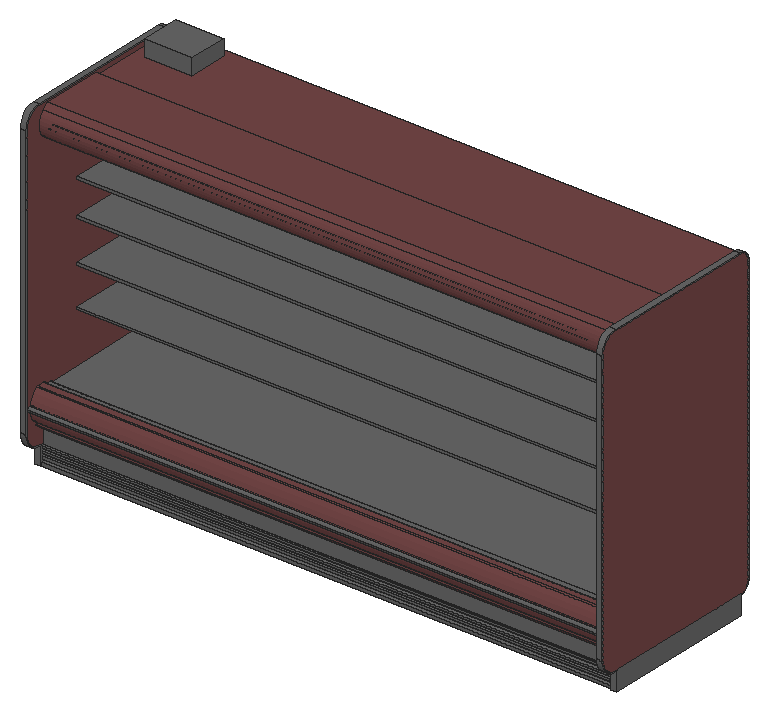
Revit family "O5DR", category Mechanical Equipment, Revit 2019
Family settings
  Round Connector Dimension = Use Radius
  Part Type = Normal
  OmniClass Number = 23.40.40.11.17
  OmniClass Title = Refrigerated Cases
  Work Plane-Based = Yes
  Always vertical = Yes
  Cut with Voids When Loaded = No
  Shared = No
  Room Calculation Point = No
Parameters (values of type "12'")
  Width = 43 3/8"  # constant formula
  URL = "http://www.hillphoenix.com/?s=o5dr"
  Type of Case = ""
  Timed-Off Defrost Termination Temp = 42 °F  # constant formula
  Timed-Off Defrost Fail-Safe (Min) = "30 (min)"
  TOP REFRIGERATION PIPING = yes
  TOP ELECTRICAL = yes
  TOEKICK [instance] = BLACK PAINTED METAL
  Superheat Set Point @ Bulb (°F) = "6-8 °F"  # constant formula
  Standard Power Watts = 11.8 W
  Standard Power Amps = 0.1 A
  STAINLESS STEEL = GALVANIZED STEEL
  Refgn = 28 5/8"
  RT STD END = yes
  REFRIGERATION PIPING = COPPER PIPE
  RUBBER BUMPER [instance] = BLACK
  REAR REFRIGERATION PIPING = yes
  PAINTED METAL UPPER SHELF = PAINTED SHELVES
  PAINTED METAL INTERIOR [instance] = GALVANIZED STEEL
  PAINTED METAL EXTERIOR [instance] = CHARCOAL BROWN
  Number of Fans = 4
  Number of Door = 3
  Model = "O5DR"  # constant formula
  Manufacturer = "HILL PHOENIX"  # constant formula
  Lights Per Row = 2
  Light Length = "4'"
  Length of Cases = 72"
  Length = 144"
  Legend Number = Model  # "O5DR"
  LF STD END = yes
  Keynote = ""  # constant formula
  Item Description = Description  # "Multi-Deck Merchandiser"
  High Power (Cornice) Watts = 29.9 W
  High Power (Cornice) Amps = 0.25 A
  High Efficiency Watts = 67 W
  High Efficiency Amps = 0.9 A
  Height = 81 5/8"  # constant formula
  GLASS = Glass
  Evaporator (°F) = 28 °F
  EQUIPMENT MARK = Legend Number  # "O5DR"
  EQUIPMENT DESCRIPTION = Item Description  # "Multi-Deck Merchandiser"
  Discharge Air Velocity (FPM) = 250 FPM  # constant formula
  Discharge Air (°F) = 32 °F
  Description = "Multi-Deck Merchandiser"  # constant formula
  Defrosts Per Day = 2
  Default Elevation = 48"
  DRAIN PIPING = yes
  DRAIN LINE = 72"
  DESIGNERS NAME = "SHIDDRAMESH"  # constant formula
  DATE = "05/18/2016"  # constant formula
  Certifications = "NSF 7, UL471, CSA"  # constant formula
  CENTER LINE = Length / 2  # 72"
  BTUH Parallel = 1190
  BTUH Conventional = 1360
  BOTTOM REFRIGERATION PIPING = yes
  BOTTOM ELECTRICAL = yes
  BASE [instance] = BLACK PAINTED METAL
  Assembly Code = ""
  Application Discipline = "Dairy"
  24" Shelf = yes
Types (2): name | Length | CENTER LINE
  12' | 144" | 72"
  08' | 96" | 48"
Reference planes (in)
  plane 1: z = 0.01963
  plane 2 "LEFT": x = 0
  plane 3 "CASE RIGHT": x = 144
  plane 4: z = 0
  plane 5: y = -15.80744
  plane 6: x = 145.5
  plane 7: x = 72
  plane 8: y = -59.18244
  plane 9: z = 81.625
  plane 10: y = -59.05744
Forms (in)
  Extrusion 1, solid, material "BLACK PAINTED METAL" <- "BASE"
    sketch origin (0, 0, 0) x (0, 1, 0) y (0, 0, 1)
      loop
        line (-15.80744, 5.125) -> (-47.49494, 5.125) -> (-47.49494, 0) -> (-45.71494, 0) -> (-45.71494, 2.94807) -> (-17.58744, 2.94807) -> (-17.58744, 0) -> (-15.80744, 0) -> (-15.80744, 5.125)
    from 0 to 144
  Extrusion 2, solid, material "BLACK PAINTED METAL" <- "BASE"
    sketch origin (0, 0, 0) x (0, 1, 0) y (0, 0, 1)
      loop
        line (-50.32512, 5.125) -> (-53.86994, 7.98698) -> (-53.86994, 0.22352) -> (-47.49494, 0.22352) -> (-47.49494, 5.125) -> (-50.32512, 5.125)
    from 0 to 144
  Extrusion 3, solid, material "BLACK PAINTED METAL" <- "TOEKICK"
    sketch origin (0, 0, 0) x (0, 1, 0) y (0, 0, 1)
      loop
        line (-54.22902, 8.27689) -> (-54.22902, 4.78705) -> (-54.22902, 4.64409)
        arc (-54.22902, 4.64409) -> (-54.38049, 4.5454) -> (-54.55908, 4.51727) r 0.43232
        line (-54.55908, 4.51727) -> (-54.55908, 4.01727) -> (-54.48058, 4.01727) -> (-54.06179, 4.09724) -> (-54.19916, 3.66264)
        arc (-54.19916, 3.66264) -> (-54.3352, 3.43693) -> (-54.55908, 3.29789) r 0.56287
        line (-54.55908, 3.29789) -> (-54.55908, 2.79789) -> (-54.48058, 2.79789) -> (-54.06179, 2.88284) -> (-54.19916, 2.44327)
        arc (-54.19916, 2.44327) -> (-54.33489, 2.21725) -> (-54.55908, 2.07851) r 0.55931
        line (-54.55908, 2.07851) -> (-54.55908, 1.57851) -> (-54.48058, 1.57851) -> (-54.06179, 1.66347) -> (-54.18674, 1.22059)
        arc (-54.18674, 1.22059) -> (-54.37468, 0.95461) -> (-54.68244, 0.84806) r 0.5318
        line (-54.68244, 0.84806) -> (-54.68244, 0) -> (-53.86994, 0) -> (-53.86994, 7.98698) -> (-54.22902, 8.27689)
    from 0 to 144
  Extrusion 4, solid, material "CHARCOAL BROWN" <- "PAINTED METAL EXTERIOR"
    sketch origin (0, 0, 0) x (0, 1, 0) y (0, 0, 1)
      loop
        line (-56.37653, 11.27385) -> (-56.37653, 15.40325) -> (-54.42753, 15.40325) -> (-54.42753, 18.09848) -> (-54.2538, 18.09848) -> (-54.2538, 18.625)
        arc (-54.2538, 18.625) -> (-54.29041, 18.71339) -> (-54.3788, 18.75) r 0.125
        line (-54.3788, 18.75) -> (-56.0488, 18.75)
        arc (-56.0488, 18.75) -> (-56.27685, 18.70691) -> (-56.47346, 18.58357) r 0.625
        arc (-56.47346, 18.58357) -> (-57.72747, 17.03605) -> (-58.49485, 15.19799) r 7
        arc (-58.49485, 15.19799) -> (-57.8374, 14.51884) -> (-58.49485, 13.83968) r 0.67952
        arc (-58.49485, 13.83968) -> (-58.07874, 12.5156) -> (-57.314, 11.35737) r 4.98966
        arc (-57.314, 11.35737) -> (-57.24256, 11.30115) -> (-57.15584, 11.27385) r 0.25263
        line (-57.15584, 11.27385) -> (-56.37653, 11.27385)
    from 0 to 144
  Extrusion 5, solid, material "BLACK PAINTED METAL" <- "BASE"
    sketch origin (0, 0, 0) x (0, 1, 0) y (0, 0, 1)
      loop
        arc (-54.42753, 13.448) -> (-52.59548, 9.13196) -> (-48.21813, 7.45166) r 6
        line (-48.21813, 7.45166) -> (-45.93291, 6.18488) -> (-43.30236, 6.18488) -> (-41.21134, 7.70386) -> (-23.60242, 8.33316)
        arc (-23.60242, 8.33316) -> (-19.4889, 10.16196) -> (-17.78682, 14.32951) r 6.03269
        line (-17.78682, 14.32951) -> (-17.78682, 18.45977) -> (-19.88009, 18.45977)
        arc (-19.88009, 18.45977) -> (-20.03379, 18.16305) -> (-20.34015, 18.02959) r 0.49958
        line (-20.34015, 18.02959) -> (-24.07806, 17.76769) -> (-24.07806, 18.09271) -> (-51.87926, 17.60961) -> (-51.87926, 17.79015)
        arc (-51.87926, 17.79015) -> (-51.95439, 17.99322) -> (-52.1436, 18.09848) r 0.312
        line (-52.1436, 18.09848) -> (-54.42753, 18.09848) -> (-54.42753, 13.448)
    from 0 to 144
  Extrusion 6, solid, material "BLACK PAINTED METAL" <- "BASE"
    sketch origin (0, 0, 0) x (0, 1, 0) y (0, 0, 1)
      loop
        circle (-58.51301, 14.51855) r 0.67969
    from 0 to 144
  Extrusion 7, solid, material "CHARCOAL BROWN" <- "PAINTED METAL EXTERIOR"
    sketch origin (0, 0, 0) x (0, 1, 0) y (0, 0, 1)
      loop
        line (-15.80744, 18.82086) -> (-17.78682, 18.82086) -> (-17.78682, 14.32951)
        arc (-17.78682, 14.32951) -> (-19.4889, 10.16196) -> (-23.60242, 8.33316) r 6.03269
        line (-23.60242, 8.33316) -> (-41.21134, 7.70386) -> (-43.30236, 6.18488) -> (-45.93291, 6.18488) -> (-48.21813, 7.45166)
        arc (-48.21813, 7.45166) -> (-52.59548, 9.13196) -> (-54.42753, 13.448) r 6
        line (-54.42753, 13.448) -> (-54.42753, 15.40325) -> (-56.37653, 15.40325) -> (-56.37653, 10.01073) -> (-50.32512, 5.125) -> (-15.80744, 5.125) -> (-15.80744, 18.82086)
      loop
        line (-49.73736, 80.85931) -> (-49.73736, 78.88281) -> (-13.92694, 78.88281) -> (-13.92694, 80.85931) -> (-49.73736, 80.85931)
    from 0 to 144
  Extrusion 8, solid, material "BLACK PAINTED METAL" <- "BASE", visible <- "24" Shelf"
    sketch origin (0, 0, 0) x (0, 1, 0) y (0, 0, 1)
      loop
        line (-19.87926, 57.79801) -> (-19.87926, 60.75474) -> (-43.87926, 60.75474) -> (-43.87926, 60.19474) -> (-34.40347, 60.19474) -> (-34.34485, 60.05929) -> (-23.41026, 59.12633)
        arc (-23.41026, 59.12633) -> (-22.74189, 58.94595) -> (-22.14862, 58.58919) r 2.5
        line (-22.14862, 58.58919) -> (-21.44578, 58.02048)
        arc (-21.44578, 58.02048) -> (-21.14236, 57.85236) -> (-20.79975, 57.79801) r 1
        line (-20.79975, 57.79801) -> (-19.87926, 57.79801)
    from 0 to 144
  Extrusion 9, solid, material "GALVANIZED STEEL" <- "STAINLESS STEEL"
    sketch origin (0, 0, 0) x (0, 1, 0) y (0, 0, 1)
      loop
        circle (-50.5347, 75.84283) r 0.5625
      loop
        circle (-52.30955, 75.86355) r 0.5625
    from 0 to 144
  Extrusion 10, solid, material "CHARCOAL BROWN" <- "PAINTED METAL EXTERIOR"
    sketch origin (0, 0, 0) x (0, 1, 0) y (0, 0, 1)
      loop
        line (-37.76969, 80.85931) -> (-37.76969, 81.625) -> (-53.05057, 81.625)
        arc (-53.05057, 81.625) -> (-53.6562, 80.98172) -> (-54.28291, 80.35897) r 26.52952
        arc (-54.28291, 80.35897) -> (-55.55434, 77.52668) -> (-54.50551, 74.60463) r 4.15093
        arc (-54.50551, 74.60463) -> (-54.34235, 74.51475) -> (-54.15893, 74.54723) r 0.27977
        line (-54.15893, 74.54723) -> (-53.92468, 74.9127) -> (-53.85543, 75.14311) -> (-53.53673, 75.40128) -> (-53.32342, 76.55776) -> (-50.02081, 76.55776) -> (-48.31789, 75.49837) -> (-48.06419, 75.49837) -> (-48.06387, 78.88281) -> (-49.73736, 78.88281) -> (-49.73736, 80.85931) -> (-37.76969, 80.85931)
    from 0 to 144
  Extrusion 11, solid, material "GALVANIZED STEEL" <- "PAINTED METAL INTERIOR"
    sketch origin (0, 0, 0) x (0, 1, 0) y (0, 0, 1)
      loop
        line (-48.06403, 78.88281) -> (-48.06403, 75.37067)
        arc (-48.06403, 75.37067) -> (-48.04137, 75.30395) -> (-47.97687, 75.27557) r 0.08749
        line (-47.97687, 75.27557) -> (-47.63763, 75.27557)
        arc (-47.63763, 75.27557) -> (-47.62513, 75.28807) -> (-47.63763, 75.30057) r 0.0125
        line (-47.63763, 75.30057) -> (-47.97686, 75.30057)
        arc (-47.97686, 75.30057) -> (-48.02106, 75.31888) -> (-48.03936, 75.36307) r 0.0625
        line (-48.03936, 75.36307) -> (-48.03936, 76.47436) -> (-43.92164, 76.47436) -> (-43.92164, 75.36307)
        arc (-43.92164, 75.36307) -> (-43.93994, 75.31888) -> (-43.98414, 75.30057) r 0.0625
        line (-43.98414, 75.30057) -> (-44.35674, 75.30057)
        arc (-44.35674, 75.30057) -> (-44.36924, 75.28807) -> (-44.35674, 75.27557) r 0.0125
        line (-44.35674, 75.27557) -> (-43.98413, 75.27557)
        arc (-43.98413, 75.27557) -> (-43.92226, 75.3012) -> (-43.89664, 75.36306) r 0.08749
        line (-43.89664, 75.36306) -> (-43.89664, 76.75897) -> (-17.78682, 76.75897) -> (-17.78682, 78.88281) -> (-48.06403, 78.88281)
    from 0 to 144
  Extrusion 12, solid, material "BLACK PAINTED METAL" <- "BASE"
    sketch origin (0, 0, 0) x (0, 1, 0) y (0, 0, 1)
      loop
        line (-44.08446, 75.47436) -> (-44.08446, 76.47436) -> (-47.87708, 76.47436) -> (-47.87708, 75.47436) -> (-44.08446, 75.47436)
    from 0 to 144
  Extrusion 13, void
    sketch origin (0, 0, 0) x (1, 0, 0) y (0, 1, 0)
      loop
        circle (72, -44.43244) r 2
    from 0 to 5.125
  Extrusion 14, void
    sketch origin (0, -15.80744, 74.55006) x (0, 0, 1) y (-1, 0, 0)
      loop
        circle (-61.23756, -140) r 2
    from 0 to 1.81288
  Extrusion 15, void
    sketch origin (0, 0, 0) x (1, 0, 0) y (0, 1, 0)
      loop
        line (15.875, -53.02327) -> (28, -53.02327) -> (28, -49.19632) -> (15.875, -49.19632) -> (15.875, -53.02327)
    from 0.22352 to 2.48465
  Extrusion 16, solid, visible <- "BOTTOM ELECTRICAL"
    sketch origin (0, 0, 0) x (1, 0, 0) y (0, 1, 0)
      loop
        line (15.875, -53.02327) -> (28, -53.02327) -> (28, -49.19632) -> (15.875, -49.19632) -> (15.875, -53.02327)
    from 2.09522 to 2.48465
  Extrusion 17, void
    sketch origin (0, 0, 0) x (1, 0, 0) y (0, 1, 0)
      loop
        circle (135.25, -38.30744) r 2
    from 2.94807 to 5.125
  Extrusion 18, solid, material "BLACK PAINTED METAL" <- "BASE", visible <- "24" Shelf"
    sketch origin (0, 0, -8.80362) x (0, 1, 0) y (0, 0, 1)
      loop
        line (-19.87926, 57.79801) -> (-19.87926, 60.75474) -> (-43.87926, 60.75474) -> (-43.87926, 60.19474) -> (-34.40347, 60.19474) -> (-34.34485, 60.05929) -> (-23.41026, 59.12633)
        arc (-23.41026, 59.12633) -> (-22.74189, 58.94595) -> (-22.14862, 58.58919) r 2.5
        line (-22.14862, 58.58919) -> (-21.44578, 58.02048)
        arc (-21.44578, 58.02048) -> (-21.14236, 57.85236) -> (-20.79975, 57.79801) r 1
        line (-20.79975, 57.79801) -> (-19.87926, 57.79801)
    from 0 to 144
  Extrusion 19, solid, material "BLACK PAINTED METAL" <- "BASE", visible <- "24" Shelf"
    sketch origin (0, 0, -19.43409) x (0, 1, 0) y (0, 0, 1)
      loop
        line (-19.87926, 57.79801) -> (-19.87926, 60.75474) -> (-43.87926, 60.75474) -> (-43.87926, 60.19474) -> (-34.40347, 60.19474) -> (-34.34485, 60.05929) -> (-23.41026, 59.12633)
        arc (-23.41026, 59.12633) -> (-22.74189, 58.94595) -> (-22.14862, 58.58919) r 2.5
        line (-22.14862, 58.58919) -> (-21.44578, 58.02048)
        arc (-21.44578, 58.02048) -> (-21.14236, 57.85236) -> (-20.79975, 57.79801) r 1
        line (-20.79975, 57.79801) -> (-19.87926, 57.79801)
    from 0 to 144
  Extrusion 20, solid, material "BLACK PAINTED METAL" <- "BASE", visible <- "24" Shelf"
    sketch origin (0, 0, -29.48744) x (0, 1, 0) y (0, 0, 1)
      loop
        line (-19.87926, 57.79801) -> (-19.87926, 60.75474) -> (-43.87926, 60.75474) -> (-43.87926, 60.19474) -> (-34.40347, 60.19474) -> (-34.34485, 60.05929) -> (-23.41026, 59.12633)
        arc (-23.41026, 59.12633) -> (-22.74189, 58.94595) -> (-22.14862, 58.58919) r 2.5
        line (-22.14862, 58.58919) -> (-21.44578, 58.02048)
        arc (-21.44578, 58.02048) -> (-21.14236, 57.85236) -> (-20.79975, 57.79801) r 1
        line (-20.79975, 57.79801) -> (-19.87926, 57.79801)
    from 0 to 144
  Extrusion 21, solid, material "BLACK PAINTED METAL" <- "BASE", visible <- "RT STD END"
    sketch origin (78, -2.3795, -30.67646) x (0, 1, 0) y (0, 0, 1)
      loop
        line (-13.17794, 30.67646) -> (-13.17794, 35.55146) -> (-52.42794, 35.55146) -> (-52.42794, 30.67646) -> (-13.17794, 30.67646)
    from 67.5 to 66
  Extrusion 22, solid, material "BLACK PAINTED METAL" <- "BASE", visible <- "RT STD END"
    sketch origin (78, 0, 0) x (0, 1, 0) y (0, 0, 1)
      loop
        arc (-59.18244, 77.875) -> (-58.01087, 80.70343) -> (-55.18244, 81.875) r 4
        line (-55.18244, 81.875) -> (-15.55744, 81.875)
        arc (-15.55744, 81.875) -> (-14.14322, 81.28921) -> (-13.55744, 79.875) r 2
        line (-13.55744, 79.875) -> (-13.55744, 6.875)
        arc (-13.55744, 6.875) -> (-14.14322, 5.46079) -> (-15.55744, 4.875) r 2
        line (-15.55744, 4.875) -> (-15.55744, 4.625)
        arc (-15.55744, 4.625) -> (-13.98916, 5.26162) -> (-13.30834, 6.81123) r 2.25
        line (-13.30834, 6.81123) -> (-13.30834, 79.87387)
        arc (-13.30834, 79.87387) -> (-13.96695, 81.4639) -> (-15.55699, 82.12251) r 2.24864
        line (-15.55699, 82.12251) -> (-55.17668, 82.12251)
        arc (-55.17668, 82.12251) -> (-58.17913, 80.87886) -> (-59.42278, 77.87642) r 4.24609
        line (-59.42278, 77.87642) -> (-59.42278, 8.8828)
        arc (-59.42278, 8.8828) -> (-58.04641, 5.74874) -> (-54.80744, 4.64158) r 4.25639
        line (-54.80744, 4.64158) -> (-54.80744, 4.875) -> (-55.18244, 4.875)
        arc (-55.18244, 4.875) -> (-58.01087, 6.04657) -> (-59.18244, 8.875) r 4
        line (-59.18244, 8.875) -> (-59.18244, 77.875)
    from 67.5 to 66
  Extrusion 23, solid, material "CHARCOAL BROWN" <- "PAINTED METAL EXTERIOR", visible <- "RT STD END"
    sketch origin (78, 0, 0) x (0, 1, 0) y (0, 0, 1)
      loop
        line (-59.18244, 77.875) -> (-59.18244, 8.875)
        arc (-59.18244, 8.875) -> (-58.01087, 6.04657) -> (-55.18244, 4.875) r 4
        line (-55.18244, 4.875) -> (-15.55744, 4.875)
        arc (-15.55744, 4.875) -> (-14.14322, 5.46079) -> (-13.55744, 6.875) r 2
        line (-13.55744, 6.875) -> (-13.55744, 79.875)
        arc (-13.55744, 79.875) -> (-14.14322, 81.28921) -> (-15.55744, 81.875) r 2
        line (-15.55744, 81.875) -> (-55.18244, 81.875)
        arc (-55.18244, 81.875) -> (-58.01087, 80.70343) -> (-59.18244, 77.875) r 4
    from 67.5 to 66
  Extrusion 24, solid, material "BLACK PAINTED METAL" <- "BASE"
    sketch origin (0, 0, 0) x (0, 1, 0) y (0, 0, 1)
      loop
        line (-17.78682, 76.75897) -> (-20.87458, 76.75897)
        arc (-20.87458, 76.75897) -> (-20.2025, 76.49945) -> (-19.87926, 75.85558) r 1
        line (-19.87926, 75.85558) -> (-19.87926, 18.45977) -> (-17.78682, 18.45977) -> (-17.78682, 76.75897)
    from 0 to 1
  Extrusion 25, solid, material "BLACK PAINTED METAL" <- "BASE"
    sketch origin (0, 0, 0) x (0, 1, 0) y (0, 0, 1)
      loop
        line (-15.80744, 18.82086) -> (-15.80744, 78.88153) -> (-17.78682, 78.88153) -> (-17.78682, 18.82086) -> (-15.80744, 18.82086)
    from 0 to 1
  Extrusion 26, solid, material "BLACK PAINTED METAL" <- "BASE"
    sketch origin (0, 0, 0) x (0, 1, 0) y (0, 0, 1)
      loop
        line (-14.74529, 18.566) -> (-14.45248, 18.566) -> (-14.45248, 76.81681) -> (-14.74529, 76.81681) -> (-14.74529, 18.566)
    from 2.10311 to 24.125
  Extrusion 27, solid, material "BLACK PAINTED METAL" <- "BASE"
    sketch origin (0, 0, 0) x (0, 1, 0) y (0, 0, 1)
      loop
        line (-15.15967, 76.81681) -> (-15.45248, 76.81681) -> (-15.45248, 18.566) -> (-15.15967, 18.566) -> (-15.15967, 76.81681)
    from 45.89689 to 23.875
  Sweep 28, solid, material "BLACK PAINTED METAL" <- "BASE"
    path origin (72, -10.74044, 0) x (-1, 0, 0) y (0, 0, 1)
      loop
        line (72, 16.5) -> (72, 78.88281) -> (24, 78.88281) -> (24, 16.5) -> (72, 16.5)
    profile origin (24, -10.74044, 16.5) x (0, 0, -1) y (0, 1, 0)
      loop
        line (0, -3.1865) -> (-2.43148, -3.1865) -> (-2.43148, -3.71204) -> (-2.066, -3.71204) -> (-2.066, -4.00485) -> (-2.43148, -4.00485) -> (-2.43148, -4.41924) -> (-2.066, -4.41924) -> (-2.066, -4.71204) -> (-2.43148, -4.71204) -> (-2.43148, -5.067) -> (0, -5.067) -> (0, -3.1865)
  Extrusion 29, solid, material "BLACK PAINTED METAL" <- "BASE"
    sketch origin (48, 0, 0) x (0, 1, 0) y (0, 0, 1)
      loop
        line (-14.74529, 18.566) -> (-14.45248, 18.566) -> (-14.45248, 76.81681) -> (-14.74529, 76.81681) -> (-14.74529, 18.566)
    from 2.10311 to 24.125
  Extrusion 30, solid, material "BLACK PAINTED METAL" <- "BASE"
    sketch origin (48, 0, 0) x (0, 1, 0) y (0, 0, 1)
      loop
        line (-15.15967, 76.81681) -> (-15.45248, 76.81681) -> (-15.45248, 18.566) -> (-15.15967, 18.566) -> (-15.15967, 76.81681)
    from 45.89689 to 23.875
  Sweep 31, solid, material "BLACK PAINTED METAL" <- "BASE"
    path origin (120, -10.74044, 0) x (-1, 0, 0) y (0, 0, 1)
      loop
        line (72, 16.5) -> (72, 78.88281) -> (24, 78.88281) -> (24, 16.5) -> (72, 16.5)
    profile origin (72, -10.74044, 16.5) x (0, 0, -1) y (0, 1, 0)
      loop
        line (0, -3.1865) -> (-2.43148, -3.1865) -> (-2.43148, -3.71204) -> (-2.066, -3.71204) -> (-2.066, -4.00485) -> (-2.43148, -4.00485) -> (-2.43148, -4.41924) -> (-2.066, -4.41924) -> (-2.066, -4.71204) -> (-2.43148, -4.71204) -> (-2.43148, -5.067) -> (0, -5.067) -> (0, -3.1865)
  Extrusion 32, solid, material "BLACK PAINTED METAL" <- "BASE", visible <- "LF STD END"
    sketch origin (-19.5, -2.3795, -30.67646) x (0, 1, 0) y (0, 0, 1)
      loop
        line (-13.17794, 30.67646) -> (-13.17794, 35.55146) -> (-52.42794, 35.55146) -> (-52.42794, 30.67646) -> (-13.17794, 30.67646)
    from 19.5 to 18
  Extrusion 33, solid, material "BLACK PAINTED METAL" <- "BASE", visible <- "LF STD END"
    sketch origin (-19.5, 0, 0) x (0, 1, 0) y (0, 0, 1)
      loop
        arc (-59.18244, 77.875) -> (-58.01087, 80.70343) -> (-55.18244, 81.875) r 4
        line (-55.18244, 81.875) -> (-15.55744, 81.875)
        arc (-15.55744, 81.875) -> (-14.14322, 81.28921) -> (-13.55744, 79.875) r 2
        line (-13.55744, 79.875) -> (-13.55744, 6.875)
        arc (-13.55744, 6.875) -> (-14.14322, 5.46079) -> (-15.55744, 4.875) r 2
        line (-15.55744, 4.875) -> (-15.55744, 4.625)
        arc (-15.55744, 4.625) -> (-13.98916, 5.26162) -> (-13.30834, 6.81123) r 2.25
        line (-13.30834, 6.81123) -> (-13.30834, 79.87387)
        arc (-13.30834, 79.87387) -> (-13.96695, 81.4639) -> (-15.55699, 82.12251) r 2.24864
        line (-15.55699, 82.12251) -> (-55.17668, 82.12251)
        arc (-55.17668, 82.12251) -> (-58.17913, 80.87886) -> (-59.42278, 77.87642) r 4.24609
        line (-59.42278, 77.87642) -> (-59.42278, 8.8828)
        arc (-59.42278, 8.8828) -> (-58.04641, 5.74874) -> (-54.80744, 4.64158) r 4.25639
        line (-54.80744, 4.64158) -> (-54.80744, 4.875) -> (-55.18244, 4.875)
        arc (-55.18244, 4.875) -> (-58.01087, 6.04657) -> (-59.18244, 8.875) r 4
        line (-59.18244, 8.875) -> (-59.18244, 77.875)
    from 19.5 to 18
  Extrusion 34, solid, material "CHARCOAL BROWN" <- "PAINTED METAL EXTERIOR", visible <- "LF STD END"
    sketch origin (-19.5, 0, 0) x (0, 1, 0) y (0, 0, 1)
      loop
        line (-59.18244, 77.875) -> (-59.18244, 8.875)
        arc (-59.18244, 8.875) -> (-58.01087, 6.04657) -> (-55.18244, 4.875) r 4
        line (-55.18244, 4.875) -> (-15.55744, 4.875)
        arc (-15.55744, 4.875) -> (-14.14322, 5.46079) -> (-13.55744, 6.875) r 2
        line (-13.55744, 6.875) -> (-13.55744, 79.875)
        arc (-13.55744, 79.875) -> (-14.14322, 81.28921) -> (-15.55744, 81.875) r 2
        line (-15.55744, 81.875) -> (-55.18244, 81.875)
        arc (-55.18244, 81.875) -> (-58.01087, 80.70343) -> (-59.18244, 77.875) r 4
    from 19.5 to 18
  Extrusion 35, solid, material "BLACK PAINTED METAL" <- "BASE"
    sketch origin (47, 0, 0) x (0, 1, 0) y (0, 0, 1)
      loop
        line (-17.78682, 76.75897) -> (-20.87458, 76.75897)
        arc (-20.87458, 76.75897) -> (-20.2025, 76.49945) -> (-19.87926, 75.85558) r 1
        line (-19.87926, 75.85558) -> (-19.87926, 18.45977) -> (-17.78682, 18.45977) -> (-17.78682, 76.75897)
    from 0 to 1
  Extrusion 36, solid, material "BLACK PAINTED METAL" <- "BASE"
    sketch origin (47, 0, 0) x (0, 1, 0) y (0, 0, 1)
      loop
        line (-15.80744, 18.82086) -> (-15.80744, 78.88153) -> (-17.78682, 78.88153) -> (-17.78682, 18.82086) -> (-15.80744, 18.82086)
    from 0 to 1
  Extrusion 37, solid, material "BLACK PAINTED METAL" <- "BASE"
    sketch origin (48, 0, 0) x (0, 1, 0) y (0, 0, 1)
      loop
        line (-17.78682, 76.75897) -> (-20.87458, 76.75897)
        arc (-20.87458, 76.75897) -> (-20.2025, 76.49945) -> (-19.87926, 75.85558) r 1
        line (-19.87926, 75.85558) -> (-19.87926, 18.45977) -> (-17.78682, 18.45977) -> (-17.78682, 76.75897)
    from 0 to 1
  Extrusion 38, solid, material "BLACK PAINTED METAL" <- "BASE"
    sketch origin (48, 0, 0) x (0, 1, 0) y (0, 0, 1)
      loop
        line (-15.80744, 18.82086) -> (-15.80744, 78.88153) -> (-17.78682, 78.88153) -> (-17.78682, 18.82086) -> (-15.80744, 18.82086)
    from 0 to 1
  Extrusion 39, solid, material "BLACK PAINTED METAL" <- "BASE"
    sketch origin (95, 0, 0) x (0, 1, 0) y (0, 0, 1)
      loop
        line (-17.78682, 76.75897) -> (-20.87458, 76.75897)
        arc (-20.87458, 76.75897) -> (-20.2025, 76.49945) -> (-19.87926, 75.85558) r 1
        line (-19.87926, 75.85558) -> (-19.87926, 18.45977) -> (-17.78682, 18.45977) -> (-17.78682, 76.75897)
    from 0 to 1
  Extrusion 40, solid, material "BLACK PAINTED METAL" <- "BASE"
    sketch origin (95, 0, 0) x (0, 1, 0) y (0, 0, 1)
      loop
        line (-15.80744, 18.82086) -> (-15.80744, 78.88153) -> (-17.78682, 78.88153) -> (-17.78682, 18.82086) -> (-15.80744, 18.82086)
    from 0 to 1
  Extrusion 41, solid, material "BLACK PAINTED METAL" <- "BASE"
    sketch origin (0, 0, 0) x (0, 1, 0) y (0, 0, 1)
      loop
        line (-15.80744, 80.85931) -> (-15.80744, 84.85931) -> (-25.80744, 84.85931) -> (-25.80744, 80.85931) -> (-15.80744, 80.85931)
    from 3 to 15
  Extrusion 42, solid, material "BLACK PAINTED METAL" <- "BASE"
    sketch origin (96, 0, 0) x (0, 1, 0) y (0, 0, 1)
      loop
        line (-14.74529, 18.566) -> (-14.45248, 18.566) -> (-14.45248, 76.81681) -> (-14.74529, 76.81681) -> (-14.74529, 18.566)
    from 2.10311 to 24.125
  Extrusion 43, solid, material "BLACK PAINTED METAL" <- "BASE"
    sketch origin (96, 0, 0) x (0, 1, 0) y (0, 0, 1)
      loop
        line (-15.15967, 76.81681) -> (-15.45248, 76.81681) -> (-15.45248, 18.566) -> (-15.15967, 18.566) -> (-15.15967, 76.81681)
    from 45.89689 to 23.875
  Sweep 44, solid, material "BLACK PAINTED METAL" <- "BASE"
    path origin (168, -10.74044, 0) x (-1, 0, 0) y (0, 0, 1)
      loop
        line (72, 16.5) -> (72, 78.88281) -> (24, 78.88281) -> (24, 16.5) -> (72, 16.5)
    profile origin (120, -10.74044, 16.5) x (0, 0, -1) y (0, 1, 0)
      loop
        line (0, -3.1865) -> (-2.43148, -3.1865) -> (-2.43148, -3.71204) -> (-2.066, -3.71204) -> (-2.066, -4.00485) -> (-2.43148, -4.00485) -> (-2.43148, -4.41924) -> (-2.066, -4.41924) -> (-2.066, -4.71204) -> (-2.43148, -4.71204) -> (-2.43148, -5.067) -> (0, -5.067) -> (0, -3.1865)
  Extrusion 45, solid, material "BLACK PAINTED METAL" <- "BASE"
    sketch origin (96, 0, 0) x (0, 1, 0) y (0, 0, 1)
      loop
        line (-17.78682, 76.75897) -> (-20.87458, 76.75897)
        arc (-20.87458, 76.75897) -> (-20.2025, 76.49945) -> (-19.87926, 75.85558) r 1
        line (-19.87926, 75.85558) -> (-19.87926, 18.45977) -> (-17.78682, 18.45977) -> (-17.78682, 76.75897)
    from 0 to 1
  Extrusion 46, solid, material "BLACK PAINTED METAL" <- "BASE"
    sketch origin (96, 0, 0) x (0, 1, 0) y (0, 0, 1)
      loop
        line (-15.80744, 18.82086) -> (-15.80744, 78.88153) -> (-17.78682, 78.88153) -> (-17.78682, 18.82086) -> (-15.80744, 18.82086)
    from 0 to 1
  Extrusion 47, solid, material "BLACK PAINTED METAL" <- "BASE"
    sketch origin (143, 0, 0) x (0, 1, 0) y (0, 0, 1)
      loop
        line (-17.78682, 76.75897) -> (-20.87458, 76.75897)
        arc (-20.87458, 76.75897) -> (-20.2025, 76.49945) -> (-19.87926, 75.85558) r 1
        line (-19.87926, 75.85558) -> (-19.87926, 18.45977) -> (-17.78682, 18.45977) -> (-17.78682, 76.75897)
    from 0 to 1
  Extrusion 48, solid, material "BLACK PAINTED METAL" <- "BASE"
    sketch origin (143, 0, 0) x (0, 1, 0) y (0, 0, 1)
      loop
        line (-15.80744, 18.82086) -> (-15.80744, 78.88153) -> (-17.78682, 78.88153) -> (-17.78682, 18.82086) -> (-15.80744, 18.82086)
    from 0 to 1
Cuts and joins
  Extrusion 13, Extrusion 17 cuts Extrusion 1
  Extrusion 14 cuts Extrusion 5
  Extrusion 14 cuts Extrusion 7
  Extrusion 14 cuts Extrusion 11
  Extrusion 15 cuts Extrusion 2
Dimensions and locks (in)
  "Length": plane 2 "LEFT" to plane 3 "CASE RIGHT"
  "DRAIN LINE": plane 2 "LEFT" to plane 7
  locked: plane 3 "CASE RIGHT" to plane 6 at 1.5
  locked: Extrusion 13 sketch curve to plane 5 at 28.625
  locked: cut or joined group of Extrusion 7, Extrusion 14 to Extrusion 15 sketch curve at 33.38888
  "Height": level to plane 9
  locked: plane 2 "LEFT" to Extrusion 16 sketch curve at 28
  level to Sweep 28 = 16 1/2"  (x2)
  equal spacing: group 1, group 2, group 5  (x3)
  equal spacing: group 3, group 4, group 6  (x3)
  Extrusion 24 to Extrusion 8 = 24"
  plane 4 to Extrusion 6 = 14.51855"
  plane 4 to Extrusion 4 = 18 3/4"
  Extrusion 10 to Extrusion 4 = 55.76099"
  cut or joined group of Extrusion 7, Extrusion 14 to Extrusion 10 = 41.6305"
  Extrusion 24 to cut or joined group of Extrusion 5, Extrusion 14 = 32"
  Sweep 28 to Sweep 28 = 58.25081"
  cut or joined group of Extrusion 7, Extrusion 14 to Sweep 28 = 64.35931"
  plane 5 to cut or joined group of Extrusion 2, Extrusion 15 = 31 11/16"
  plane 5 to Extrusion 3 = 38 7/8"
  cut or joined group of Extrusion 2, Extrusion 15 to cut or joined group of Extrusion 2, Extrusion 15 = 6 3/8"
  Sweep 28 to plane 8 = 45.2555"
  locked: Extrusion 41 to Extrusion 41 at 12
  plane 5 to plane 10 = 43 1/4"
  aligned and locked: plane 3 "CASE RIGHT" to Extrusion 7
  aligned and locked: plane 3 "CASE RIGHT" to Extrusion 11
  aligned and locked: plane 3 "CASE RIGHT" to Extrusion 10
  aligned and locked: plane 3 "CASE RIGHT" to Extrusion 12
  aligned and locked: plane 3 "CASE RIGHT" to Extrusion 9
  aligned and locked: plane 3 "CASE RIGHT" to Extrusion 5
  aligned and locked: plane 3 "CASE RIGHT" to Extrusion 1
  aligned and locked: plane 3 "CASE RIGHT" to Extrusion 8
  aligned and locked: plane 3 "CASE RIGHT" to Extrusion 2
  aligned and locked: plane 3 "CASE RIGHT" to Extrusion 4
  aligned and locked: plane 3 "CASE RIGHT" to Extrusion 3
  aligned and locked: plane 3 "CASE RIGHT" to Extrusion 6
  aligned and locked: cut or joined group of Extrusion 2, Extrusion 15 to Extrusion 16 sketch curve
  aligned and locked: plane 3 "CASE RIGHT" to Extrusion 18
  aligned and locked: plane 3 "CASE RIGHT" to Extrusion 19
  aligned and locked: plane 3 "CASE RIGHT" to Extrusion 20
  aligned and locked: Extrusion 22 to plane 3 "CASE RIGHT"
  aligned and locked: plane 6 to Extrusion 22
  aligned and locked: Extrusion 23 to plane 3 "CASE RIGHT"
  aligned and locked: plane 6 to Extrusion 23
  aligned and locked: Extrusion 21 to plane 3 "CASE RIGHT"
  aligned and locked: plane 6 to Extrusion 21
  aligned and locked: Extrusion 15 to Extrusion 16
Automatic sketch dimensions
  Extrusion 26 sketch curve to Extrusion 26 sketch curve = 0.29281"
  Extrusion 27 sketch curve to Extrusion 27 sketch curve = 0.29281"
  Sweep 28 sketch curve to profile plane = 0"
  profile plane to Sweep 28 sketch curve = 2.066"
  Sweep 28 sketch curve to Sweep 28 sketch curve = 0"  (x2)
  Sweep 28 sketch curve to Sweep 28 sketch curve = 0.36548"  (x2)
  Sweep 28 sketch curve to profile plane = 5.067"
  Sweep 28 sketch curve to Sweep 28 sketch curve = 0.35496"
  Sweep 28 sketch curve to Sweep 28 sketch curve = 0.29281"  (x2)
  Sweep 28 sketch curve to Sweep 28 sketch curve = 0.41438"
  Sweep 28 sketch curve to Sweep 28 sketch curve = 0.52554"
  Extrusion 26 sketch curve to Extrusion 26 sketch curve = 58.25081"
  Extrusion 27 sketch curve to Extrusion 27 sketch curve = 58.25081"
  Sweep 28 sketch curve to Sweep 28 sketch curve = 48"
  Sweep 28 sketch curve to Sweep 28 sketch curve = 62 49/128"
  Extrusion 29 sketch curve to Extrusion 29 sketch curve = 0.29281"
  Extrusion 30 sketch curve to Extrusion 30 sketch curve = 0.29281"
  Sweep 31 sketch curve to profile plane = 0"
  profile plane to Sweep 31 sketch curve = 2.066"
  Sweep 31 sketch curve to Sweep 31 sketch curve = 0"  (x2)
  Sweep 31 sketch curve to Sweep 31 sketch curve = 0.36548"  (x2)
  Sweep 31 sketch curve to profile plane = 5.067"
  Sweep 31 sketch curve to Sweep 31 sketch curve = 0.35496"
  Sweep 31 sketch curve to Sweep 31 sketch curve = 0.29281"  (x2)
  Sweep 31 sketch curve to Sweep 31 sketch curve = 0.41438"
  Sweep 31 sketch curve to Sweep 31 sketch curve = 0.52554"
  Extrusion 29 sketch curve to Extrusion 29 sketch curve = 58.25081"
  Extrusion 30 sketch curve to Extrusion 30 sketch curve = 58.25081"
  Sweep 31 sketch curve to Sweep 31 sketch curve = 48"
  Sweep 31 sketch curve to Sweep 31 sketch curve = 62 49/128"
  Extrusion 1 sketch curve to level = 0"  (x3)
  Extrusion 1 sketch curve to plane 5 = 0"
  plane 5 to Extrusion 1 sketch curve = 1.78"
  plane 1 to Extrusion 1 sketch curve = 2.92844"
  Extrusion 1 sketch curve to plane 8 = 13.4675"
  Extrusion 1 sketch curve to Extrusion 1 sketch curve = 1.78"
  Extrusion 1 sketch curve to Extrusion 1 sketch curve = 2.17693"
  Extrusion 2 sketch curve to plane 8 = 5 5/16"
  Extrusion 2 sketch curve to Extrusion 2 sketch curve = 3.54482"
  Extrusion 2 sketch curve to Extrusion 2 sketch curve = 2.83018"
  plane 1 to Extrusion 2 sketch curve = 0.20389"
  plane 1 to Extrusion 2 sketch curve = 5.10537"
  Extrusion 2 sketch curve to Extrusion 2 sketch curve = 2.86198"
  Extrusion 3 sketch curve to level = 0"
  Extrusion 3 sketch curve to plane 8 = 4.44658"
  Extrusion 3 sketch curve to Extrusion 3 sketch curve = 0.05342"
  Extrusion 3 sketch curve to Extrusion 3 sketch curve = 0.00285"
  Extrusion 3 sketch curve to Extrusion 3 sketch curve = 3/256"
  Extrusion 3 sketch curve to Extrusion 3 sketch curve = 0.17393"
  Extrusion 3 sketch curve to Extrusion 3 sketch curve = 0.17678"
  Extrusion 3 sketch curve to Extrusion 3 sketch curve = 0.13509"
  Extrusion 3 sketch curve to Extrusion 3 sketch curve = 0.02353"
  plane 1 to Extrusion 3 sketch curve = 1.55888"
  Extrusion 3 sketch curve to Extrusion 3 sketch curve = 0.0785"  (x3)
  Extrusion 3 sketch curve to Extrusion 3 sketch curve = 0.33006"
  plane 1 to Extrusion 3 sketch curve = 1.20096"
  Extrusion 3 sketch curve to Extrusion 3 sketch curve = 0.29383"
  Extrusion 3 sketch curve to Extrusion 3 sketch curve = 0.28142"  (x2)
  plane 1 to Extrusion 3 sketch curve = 2.42364"
  Extrusion 3 sketch curve to Extrusion 3 sketch curve = 0.41879"  (x3)
  plane 1 to Extrusion 3 sketch curve = 1.64384"
  Extrusion 3 sketch curve to Extrusion 3 sketch curve = 0.35908"
  Extrusion 3 sketch curve to Extrusion 3 sketch curve = 0.37253"
  Extrusion 3 sketch curve to Extrusion 3 sketch curve = 1/2"  (x3)
  Extrusion 3 sketch curve to Extrusion 3 sketch curve = 0.1878"
  Extrusion 3 sketch curve to Extrusion 3 sketch curve = 0.08495"
  Extrusion 3 sketch curve to Extrusion 3 sketch curve = 0.36475"
  Extrusion 3 sketch curve to Extrusion 3 sketch curve = 0.18499"
  Extrusion 3 sketch curve to Extrusion 3 sketch curve = 0.07997"
  Extrusion 3 sketch curve to Extrusion 3 sketch curve = 0.12681"
  Extrusion 3 sketch curve to Extrusion 3 sketch curve = 0.14297"
  Extrusion 3 sketch curve to Extrusion 3 sketch curve = 3.03802"
  Extrusion 3 sketch curve to Extrusion 3 sketch curve = 0.28991"
  Extrusion 4 sketch curve to plane 8 = 0.66552"
  Extrusion 4 sketch curve to plane 8 = 2.0266"
  Extrusion 4 sketch curve to Extrusion 4 sketch curve = 1/32"
  Extrusion 4 sketch curve to Extrusion 4 sketch curve = 0.7793"
  Extrusion 4 sketch curve to plane 8 = 3.13364"
  Extrusion 4 sketch curve to Extrusion 4 sketch curve = 1.949"
  Extrusion 4 sketch curve to Extrusion 4 sketch curve = 0.04874"
  Extrusion 4 sketch curve to Extrusion 4 sketch curve = 0.17374"
  Extrusion 4 sketch curve to Extrusion 4 sketch curve = 0.85461"
  Extrusion 4 sketch curve to Extrusion 4 sketch curve = 1.85569"
  plane 1 to Extrusion 4 sketch curve = 11.25422"
  Extrusion 4 sketch curve to Extrusion 4 sketch curve = 0.25069"
  Extrusion 4 sketch curve to Extrusion 4 sketch curve = 2.17373"
  Extrusion 4 sketch curve to Extrusion 4 sketch curve = 2.9943"
  Extrusion 4 sketch curve to Extrusion 4 sketch curve = 1.21147"
  Extrusion 4 sketch curve to Extrusion 4 sketch curve = 0.88442"
  Extrusion 4 sketch curve to Extrusion 4 sketch curve = 2.69523"
  Extrusion 4 sketch curve to Extrusion 4 sketch curve = 0.02651"
  Extrusion 4 sketch curve to Extrusion 4 sketch curve = 0.52652"
  Extrusion 4 sketch curve to Extrusion 4 sketch curve = 0.02206"
  Extrusion 4 sketch curve to Extrusion 4 sketch curve = 0.02207"
  Extrusion 4 sketch curve to Extrusion 4 sketch curve = 0"
  Extrusion 5 sketch curve to plane 8 = 4.7549"
  Extrusion 5 sketch curve to Extrusion 5 sketch curve = 2.23628"
  Extrusion 5 sketch curve to Extrusion 5 sketch curve = 0.04766"
  Extrusion 5 sketch curve to Extrusion 5 sketch curve = 0.312"
  Extrusion 5 sketch curve to Extrusion 5 sketch curve = 3.45172"
  Extrusion 5 sketch curve to Extrusion 5 sketch curve = 0.2094"
  Extrusion 5 sketch curve to Extrusion 5 sketch curve = 2.28522"
  Extrusion 5 sketch curve to Extrusion 5 sketch curve = 2.63055"
  plane 1 to Extrusion 5 sketch curve = 7.68422"
  Extrusion 5 sketch curve to Extrusion 5 sketch curve = 2.09102"
  plane 5 to Extrusion 5 sketch curve = 8.27062"
  Extrusion 5 sketch curve to Extrusion 5 sketch curve = 0.25864"
  Extrusion 5 sketch curve to Extrusion 5 sketch curve = 0.217"
  Extrusion 5 sketch curve to Extrusion 5 sketch curve = 3.70306"
  Extrusion 5 sketch curve to Extrusion 5 sketch curve = 0.4949"
  plane 5 to Extrusion 5 sketch curve = 1.97938"
  Extrusion 5 sketch curve to Extrusion 5 sketch curve = 0.2522"
  Extrusion 5 sketch curve to Extrusion 5 sketch curve = 1.51898"
  plane 1 to Extrusion 5 sketch curve = 8.31353"
  Extrusion 5 sketch curve to Extrusion 5 sketch curve = 5.99634"
  Extrusion 5 sketch curve to Extrusion 5 sketch curve = 4.16161"
  Extrusion 5 sketch curve to Extrusion 5 sketch curve = 3.40574"
  Extrusion 5 sketch curve to Extrusion 5 sketch curve = 0.18053"
  Extrusion 5 sketch curve to Extrusion 5 sketch curve = 0.32502"
  Extrusion 5 sketch curve to Extrusion 5 sketch curve = 0.36706"
  Extrusion 5 sketch curve to Extrusion 5 sketch curve = 0.06818"
  Extrusion 5 sketch curve to Extrusion 5 sketch curve = 0.03485"
  Extrusion 5 sketch curve to Extrusion 5 sketch curve = 0.00045"
  Extrusion 5 sketch curve to Extrusion 5 sketch curve = 0.00049"
  Extrusion 6 sketch curve to plane 8 = 0.66942"
  plane 1 to Extrusion 6 sketch curve = 14.49892"
  Extrusion 7 sketch curve to plane 5 = 0"
  plane 5 to Extrusion 7 sketch curve = 1.97938"
  plane 9 to Extrusion 7 sketch curve = 0.76569"
  Extrusion 7 sketch curve to plane 8 = 9.44508"
  Extrusion 7 sketch curve to plane 5 = 1.8805"
  Extrusion 7 sketch curve to Extrusion 7 sketch curve = 4.49135"
  Extrusion 7 sketch curve to Extrusion 7 sketch curve = 1.9765"
  Extrusion 8 sketch curve to plane 8 = 15.30318"
  Extrusion 8 sketch curve to Extrusion 8 sketch curve = 9.47579"
  Extrusion 8 sketch curve to Extrusion 8 sketch curve = 15/256"
  plane 5 to Extrusion 8 sketch curve = 7.91376"
  Extrusion 8 sketch curve to Extrusion 8 sketch curve = 0.31094"
  Extrusion 8 sketch curve to Extrusion 8 sketch curve = 1.26163"
  Extrusion 8 sketch curve to Extrusion 8 sketch curve = 0.70284"
  Extrusion 8 sketch curve to Extrusion 8 sketch curve = 0.62903"
  Extrusion 8 sketch curve to Extrusion 8 sketch curve = 0.64603"
  Extrusion 8 sketch curve to Extrusion 8 sketch curve = 15/16"
  plane 9 to Extrusion 8 sketch curve = 24.97926"
  Extrusion 8 sketch curve to Extrusion 8 sketch curve = 1.15227"
  Extrusion 8 sketch curve to Extrusion 8 sketch curve = 0.22247"
  Extrusion 8 sketch curve to Extrusion 8 sketch curve = 0.56871"
  Extrusion 8 sketch curve to Extrusion 8 sketch curve = 0.93296"
  Extrusion 8 sketch curve to Extrusion 8 sketch curve = 0.13545"
  Extrusion 8 sketch curve to Extrusion 8 sketch curve = 0.56"
  plane 9 to Extrusion 10 sketch curve = 0"
  plane 8 to Extrusion 10 sketch curve = 13.4842"
  Extrusion 10 sketch curve to plane 8 = 4.88579"
  Extrusion 10 sketch curve to Extrusion 10 sketch curve = 0.13771"
  Extrusion 10 sketch curve to Extrusion 10 sketch curve = 0.37196"
  Extrusion 10 sketch curve to Extrusion 10 sketch curve = 0.06925"
  Extrusion 10 sketch curve to Extrusion 10 sketch curve = 0.3187"
  Extrusion 10 sketch curve to Extrusion 10 sketch curve = 0.21332"
  Extrusion 10 sketch curve to Extrusion 10 sketch curve = 0.27285"
  Extrusion 10 sketch curve to Extrusion 10 sketch curve = 1.91691"
  Extrusion 10 sketch curve to Extrusion 10 sketch curve = 1.3857"
  Extrusion 10 sketch curve to Extrusion 10 sketch curve = 1.66915"
  Extrusion 10 sketch curve to Extrusion 10 sketch curve = 1.70292"
  Extrusion 10 sketch curve to Extrusion 10 sketch curve = 0.2537"
  plane 9 to Extrusion 10 sketch curve = 2 95/128"
  Extrusion 10 sketch curve to Extrusion 10 sketch curve = 1.67348"
  plane 9 to Extrusion 10 sketch curve = 0.76569"
  Extrusion 10 sketch curve to Extrusion 10 sketch curve = 10.29419"
  Extrusion 10 sketch curve to Extrusion 10 sketch curve = 1.51659"
  Extrusion 10 sketch curve to Extrusion 10 sketch curve = 0.80846"
  Extrusion 10 sketch curve to Extrusion 10 sketch curve = 1.05939"
  Extrusion 10 sketch curve to Extrusion 10 sketch curve = 1.15648"
  Extrusion 10 sketch curve to Extrusion 10 sketch curve = 0.25817"
  Extrusion 10 sketch curve to Extrusion 10 sketch curve = 0.23041"
  Extrusion 10 sketch curve to Extrusion 10 sketch curve = 0.12195"
  Extrusion 10 sketch curve to Extrusion 10 sketch curve = 0.24353"
  Extrusion 10 sketch curve to plane 9 = 17.86129"
  Extrusion 10 sketch curve to Extrusion 10 sketch curve = 0"
  plane 9 to Extrusion 11 sketch curve = 2 95/128"
  Extrusion 11 sketch curve to plane 8 = 11.11841"
  Extrusion 11 sketch curve to Extrusion 11 sketch curve = 0.02467"
  Extrusion 11 sketch curve to Extrusion 11 sketch curve = 1/16"  (x2)
  Extrusion 11 sketch curve to Extrusion 11 sketch curve = 0"  (x4)
  Extrusion 11 sketch curve to Extrusion 11 sketch curve = 0.33924"
  Extrusion 11 sketch curve to Extrusion 11 sketch curve = 3.2809"
  Extrusion 11 sketch curve to Extrusion 11 sketch curve = 0.3726"
  Extrusion 11 sketch curve to Extrusion 11 sketch curve = 0.025"
  plane 5 to Extrusion 11 sketch curve = 1.97938"
  Extrusion 11 sketch curve to Extrusion 11 sketch curve = 2.12384"
  Extrusion 11 sketch curve to Extrusion 11 sketch curve = 0.28461"
  Extrusion 11 sketch curve to Extrusion 11 sketch curve = 1.10369"
  Extrusion 11 sketch curve to Extrusion 11 sketch curve = 1.11129"
  Extrusion 11 sketch curve to Extrusion 11 sketch curve = 0.0076"
  Extrusion 12 sketch curve to plane 8 = 11.30536"
  Extrusion 12 sketch curve to Extrusion 12 sketch curve = 3.79263"
  plane 9 to Extrusion 12 sketch curve = 6.15064"
  Extrusion 12 sketch curve to Extrusion 12 sketch curve = 1"
  Extrusion 13 sketch curve to plane 7 = 0"
  plane 2 "LEFT" to Extrusion 15 sketch curve = 15 7/8"
  Extrusion 15 sketch curve to Extrusion 15 sketch curve = 12 1/8"
  Extrusion 15 sketch curve to Extrusion 15 sketch curve = 3.82695"
  Extrusion 16 sketch curve to Extrusion 16 sketch curve = 12 1/8"
  Extrusion 16 sketch curve to Extrusion 16 sketch curve = 3.82695"
  Extrusion 17 sketch curve to plane 3 "CASE RIGHT" = 8 3/4"
  Extrusion 17 sketch curve to plane 8 = 20 7/8"
  Extrusion 18 sketch curve to plane 8 = 15.30318"
  Extrusion 18 sketch curve to Extrusion 18 sketch curve = 9.47579"
  Extrusion 18 sketch curve to Extrusion 18 sketch curve = 15/256"
  plane 5 to Extrusion 18 sketch curve = 7.91376"
  Extrusion 18 sketch curve to Extrusion 18 sketch curve = 0.31094"
  Extrusion 18 sketch curve to Extrusion 18 sketch curve = 1.26163"
  Extrusion 18 sketch curve to Extrusion 18 sketch curve = 0.70284"
  Extrusion 18 sketch curve to Extrusion 18 sketch curve = 0.62903"
  Extrusion 18 sketch curve to Extrusion 18 sketch curve = 0.64603"
  Extrusion 18 sketch curve to Extrusion 18 sketch curve = 15/16"
  plane 9 to Extrusion 18 sketch curve = 33.78288"
  Extrusion 18 sketch curve to Extrusion 18 sketch curve = 1.15227"
  Extrusion 18 sketch curve to Extrusion 18 sketch curve = 0.22247"
  Extrusion 18 sketch curve to Extrusion 18 sketch curve = 0.56871"
  Extrusion 18 sketch curve to Extrusion 18 sketch curve = 0.93296"
  Extrusion 18 sketch curve to Extrusion 18 sketch curve = 0.13545"
  Extrusion 18 sketch curve to Extrusion 18 sketch curve = 0.56"
  Extrusion 19 sketch curve to plane 8 = 15.30318"
  Extrusion 19 sketch curve to Extrusion 19 sketch curve = 9.47579"
  Extrusion 19 sketch curve to Extrusion 19 sketch curve = 15/256"
  plane 5 to Extrusion 19 sketch curve = 7.91376"
  Extrusion 19 sketch curve to Extrusion 19 sketch curve = 0.31094"
  Extrusion 19 sketch curve to Extrusion 19 sketch curve = 1.26163"
  Extrusion 19 sketch curve to Extrusion 19 sketch curve = 0.70284"
  Extrusion 19 sketch curve to Extrusion 19 sketch curve = 0.62903"
  Extrusion 19 sketch curve to Extrusion 19 sketch curve = 0.64603"
  Extrusion 19 sketch curve to Extrusion 19 sketch curve = 15/16"
  plane 1 to Extrusion 19 sketch curve = 37.19202"
  Extrusion 19 sketch curve to Extrusion 19 sketch curve = 1.15227"
  Extrusion 19 sketch curve to Extrusion 19 sketch curve = 0.22247"
  Extrusion 19 sketch curve to Extrusion 19 sketch curve = 0.56871"
  Extrusion 19 sketch curve to Extrusion 19 sketch curve = 0.93296"
  Extrusion 19 sketch curve to Extrusion 19 sketch curve = 0.13545"
  Extrusion 19 sketch curve to Extrusion 19 sketch curve = 0.56"
  Extrusion 20 sketch curve to plane 8 = 15.30318"
  Extrusion 20 sketch curve to Extrusion 20 sketch curve = 9.47579"
  Extrusion 20 sketch curve to Extrusion 20 sketch curve = 15/256"
  plane 5 to Extrusion 20 sketch curve = 7.91376"
  Extrusion 20 sketch curve to Extrusion 20 sketch curve = 0.31094"
  Extrusion 20 sketch curve to Extrusion 20 sketch curve = 1.26163"
  Extrusion 20 sketch curve to Extrusion 20 sketch curve = 0.70284"
  Extrusion 20 sketch curve to Extrusion 20 sketch curve = 0.62903"
  Extrusion 20 sketch curve to Extrusion 20 sketch curve = 0.64603"
  Extrusion 20 sketch curve to Extrusion 20 sketch curve = 15/16"
  plane 1 to Extrusion 20 sketch curve = 27.13867"
  Extrusion 20 sketch curve to Extrusion 20 sketch curve = 1.15227"
  Extrusion 20 sketch curve to Extrusion 20 sketch curve = 0.22247"
  Extrusion 20 sketch curve to Extrusion 20 sketch curve = 0.56871"
  Extrusion 20 sketch curve to Extrusion 20 sketch curve = 0.93296"
  Extrusion 20 sketch curve to Extrusion 20 sketch curve = 0.13545"
  Extrusion 20 sketch curve to Extrusion 20 sketch curve = 0.56"
  Extrusion 21 sketch curve to level = 0"
  Extrusion 21 sketch curve to plane 8 = 4 3/8"
  Extrusion 21 sketch curve to plane 5 = 1/4"
  plane 1 to Extrusion 21 sketch curve = 4.85537"
  Extrusion 22 sketch curve to Extrusion 22 sketch curve = 0"  (x2)
  Extrusion 22 sketch curve to plane 8 = 0"
  plane 8 to Extrusion 22 sketch curve = 0.24034"
  Extrusion 22 sketch curve to Extrusion 22 sketch curve = 4"  (x2)
  Extrusion 22 sketch curve to Extrusion 22 sketch curve = 0.00575"
  Extrusion 22 sketch curve to Extrusion 22 sketch curve = 0.01604"
  Extrusion 22 sketch curve to Extrusion 22 sketch curve = 3/8"
  Extrusion 22 sketch curve to plane 5 = 1/4"  (x2)
  Extrusion 22 sketch curve to Extrusion 22 sketch curve = 0.00045"
  Extrusion 22 sketch curve to Extrusion 22 sketch curve = 2"
  Extrusion 22 sketch curve to Extrusion 22 sketch curve = 0.2491"
  plane 1 to Extrusion 22 sketch curve = 4.60537"
  plane 1 to Extrusion 22 sketch curve = 4.62195"
  Extrusion 22 sketch curve to Extrusion 22 sketch curve = 0.23342"
  Extrusion 22 sketch curve to Extrusion 22 sketch curve = 1/4"
  plane 9 to Extrusion 22 sketch curve = 3 3/4"
  Extrusion 22 sketch curve to Extrusion 22 sketch curve = 0.00142"
  Extrusion 23 sketch curve to plane 8 = 0"
  Extrusion 23 sketch curve to plane 9 = 1/4"
  Extrusion 23 sketch curve to plane 8 = 4"  (x2)
  Extrusion 23 sketch curve to plane 5 = 1/4"  (x2)
  plane 9 to Extrusion 23 sketch curve = 1 3/4"
  plane 1 to Extrusion 23 sketch curve = 8.85537"
  Extrusion 24 sketch curve to Extrusion 24 sketch curve = 0.0966"
  Extrusion 24 sketch curve to Extrusion 24 sketch curve = 0.9034"
  Extrusion 24 sketch curve to Extrusion 24 sketch curve = 0"
  Extrusion 32 sketch curve to level = 0"
  Extrusion 32 sketch curve to plane 8 = 4 3/8"
  Extrusion 32 sketch curve to plane 5 = 1/4"
  plane 1 to Extrusion 32 sketch curve = 4.85537"
  Extrusion 33 sketch curve to Extrusion 33 sketch curve = 0"  (x2)
  Extrusion 33 sketch curve to plane 8 = 0"
  plane 8 to Extrusion 33 sketch curve = 0.24034"
  Extrusion 33 sketch curve to Extrusion 33 sketch curve = 4"  (x2)
  Extrusion 33 sketch curve to Extrusion 33 sketch curve = 0.00575"
  Extrusion 33 sketch curve to Extrusion 33 sketch curve = 0.01604"
  Extrusion 33 sketch curve to Extrusion 33 sketch curve = 3/8"
  Extrusion 33 sketch curve to plane 5 = 1/4"  (x2)
  Extrusion 33 sketch curve to Extrusion 33 sketch curve = 0.00045"
  Extrusion 33 sketch curve to Extrusion 33 sketch curve = 2"
  Extrusion 33 sketch curve to Extrusion 33 sketch curve = 0.2491"
  plane 1 to Extrusion 33 sketch curve = 4.60537"
  plane 1 to Extrusion 33 sketch curve = 4.62195"
  Extrusion 33 sketch curve to Extrusion 33 sketch curve = 0.23342"
  Extrusion 33 sketch curve to Extrusion 33 sketch curve = 1/4"
  plane 9 to Extrusion 33 sketch curve = 3 3/4"
  Extrusion 33 sketch curve to Extrusion 33 sketch curve = 0.00142"
  Extrusion 34 sketch curve to plane 8 = 0"
  Extrusion 34 sketch curve to plane 9 = 1/4"
  Extrusion 34 sketch curve to plane 8 = 4"  (x2)
  Extrusion 34 sketch curve to plane 5 = 1/4"  (x2)
  plane 9 to Extrusion 34 sketch curve = 1 3/4"
  plane 1 to Extrusion 34 sketch curve = 8.85537"
  Extrusion 35 sketch curve to Extrusion 35 sketch curve = 0.0966"
  Extrusion 35 sketch curve to Extrusion 35 sketch curve = 0.9034"
  Extrusion 35 sketch curve to Extrusion 35 sketch curve = 0"
  Extrusion 36 sketch curve to Extrusion 36 sketch curve = 1.97938"
  Extrusion 24 sketch curve to Extrusion 24 sketch curve = 0.99532"
  Extrusion 24 sketch curve to Extrusion 24 sketch curve = 2.09244"
  Extrusion 24 sketch curve to Extrusion 24 sketch curve = 57.2992"
  Extrusion 25 sketch curve to Extrusion 25 sketch curve = 1.97938"
  Extrusion 25 sketch curve to Extrusion 25 sketch curve = 60.06067"
  Extrusion 35 sketch curve to Extrusion 35 sketch curve = 0.99532"
  Extrusion 35 sketch curve to Extrusion 35 sketch curve = 2.09244"
  Extrusion 35 sketch curve to Extrusion 35 sketch curve = 57.2992"
  Extrusion 36 sketch curve to Extrusion 36 sketch curve = 60.06067"
  Extrusion 37 sketch curve to Extrusion 37 sketch curve = 0.0966"
  Extrusion 37 sketch curve to Extrusion 37 sketch curve = 0.9034"
  Extrusion 37 sketch curve to Extrusion 37 sketch curve = 0"
  Extrusion 39 sketch curve to Extrusion 39 sketch curve = 0.0966"
  Extrusion 39 sketch curve to Extrusion 39 sketch curve = 0.9034"
  Extrusion 39 sketch curve to Extrusion 39 sketch curve = 0"
  Extrusion 40 sketch curve to Extrusion 40 sketch curve = 1.97938"
  Extrusion 37 sketch curve to Extrusion 37 sketch curve = 0.99532"
  Extrusion 37 sketch curve to Extrusion 37 sketch curve = 2.09244"
  Extrusion 37 sketch curve to Extrusion 37 sketch curve = 57.2992"
  Extrusion 38 sketch curve to Extrusion 38 sketch curve = 1.97938"
  Extrusion 38 sketch curve to Extrusion 38 sketch curve = 60.06067"
  Extrusion 39 sketch curve to Extrusion 39 sketch curve = 0.99532"
  Extrusion 39 sketch curve to Extrusion 39 sketch curve = 2.09244"
  Extrusion 39 sketch curve to Extrusion 39 sketch curve = 57.2992"
  Extrusion 40 sketch curve to Extrusion 40 sketch curve = 60.06067"
  Extrusion 7 to Extrusion 14 sketch curve = 5.50836"
  Extrusion 14 sketch curve to Extrusion 7 = 4"
  plane 1 to Extrusion 7 sketch curve = 5.10537"
  Extrusion 7 sketch curve to Extrusion 7 sketch curve = 4.45891"
  Extrusion 7 sketch curve to Extrusion 7 sketch curve = 0.217"
  Extrusion 7 sketch curve to Extrusion 7 sketch curve = 6.02878"
  plane 1 to Extrusion 7 sketch curve = 7.68422"
  Extrusion 7 sketch curve to Extrusion 7 sketch curve = 2.09102"
  Extrusion 7 sketch curve to Extrusion 7 sketch curve = 2.63055"
  Extrusion 7 sketch curve to Extrusion 7 sketch curve = 2.28522"
  Extrusion 7 sketch curve to Extrusion 7 sketch curve = 1.26678"
  Extrusion 7 sketch curve to Extrusion 7 sketch curve = 0.2094"
  Extrusion 7 sketch curve to Extrusion 7 sketch curve = 5.99634"
  Extrusion 7 sketch curve to Extrusion 7 sketch curve = 1.95525"
  Extrusion 7 sketch curve to Extrusion 7 sketch curve = 1.949"
  Extrusion 7 sketch curve to Extrusion 7 sketch curve = 3.43727"
  Extrusion 7 sketch curve to Extrusion 7 sketch curve = 2.10699"
  Extrusion 7 sketch curve to Extrusion 7 sketch curve = 2.32666"
  Extrusion 7 sketch curve to plane 8 = 2.8059"
  plane 1 to Extrusion 7 sketch curve = 8.31353"
  Extrusion 41 sketch curve to plane 5 = 0"
  Extrusion 41 sketch curve to plane 9 = 3.23431"
  plane 5 to Extrusion 41 sketch curve = 10"
  plane 9 to Extrusion 41 sketch curve = 0.76569"
  Extrusion 42 sketch curve to Extrusion 42 sketch curve = 0.29281"
  Extrusion 43 sketch curve to Extrusion 43 sketch curve = 0.29281"
  Sweep 44 sketch curve to profile plane = 0"
  profile plane to Sweep 44 sketch curve = 2.066"
  Sweep 44 sketch curve to Sweep 44 sketch curve = 0"  (x2)
  Sweep 44 sketch curve to Sweep 44 sketch curve = 0.36548"  (x2)
  Sweep 44 sketch curve to profile plane = 5.067"
  Sweep 44 sketch curve to Sweep 44 sketch curve = 0.35496"
  Sweep 44 sketch curve to Sweep 44 sketch curve = 0.29281"  (x2)
  Sweep 44 sketch curve to Sweep 44 sketch curve = 0.41438"
  Sweep 44 sketch curve to Sweep 44 sketch curve = 0.52554"
  Extrusion 42 sketch curve to Extrusion 42 sketch curve = 58.25081"
  Extrusion 43 sketch curve to Extrusion 43 sketch curve = 58.25081"
  Sweep 44 sketch curve to Sweep 44 sketch curve = 48"
  Sweep 44 sketch curve to Sweep 44 sketch curve = 62 49/128"
  Extrusion 45 sketch curve to Extrusion 45 sketch curve = 0.0966"
  Extrusion 45 sketch curve to Extrusion 45 sketch curve = 0.9034"
  Extrusion 45 sketch curve to Extrusion 45 sketch curve = 0"
  Extrusion 47 sketch curve to Extrusion 47 sketch curve = 0.0966"
  Extrusion 47 sketch curve to Extrusion 47 sketch curve = 0.9034"
  Extrusion 47 sketch curve to Extrusion 47 sketch curve = 0"
  Extrusion 48 sketch curve to Extrusion 48 sketch curve = 1.97938"
  Extrusion 45 sketch curve to Extrusion 45 sketch curve = 0.99532"
  Extrusion 45 sketch curve to Extrusion 45 sketch curve = 2.09244"
  Extrusion 45 sketch curve to Extrusion 45 sketch curve = 57.2992"
  Extrusion 46 sketch curve to Extrusion 46 sketch curve = 1.97938"
  Extrusion 46 sketch curve to Extrusion 46 sketch curve = 60.06067"
  Extrusion 47 sketch curve to Extrusion 47 sketch curve = 0.99532"
  Extrusion 47 sketch curve to Extrusion 47 sketch curve = 2.09244"
  Extrusion 47 sketch curve to Extrusion 47 sketch curve = 57.2992"
  Extrusion 48 sketch curve to Extrusion 48 sketch curve = 60.06067"
  radius of Extrusion 6 sketch curve = 87/128"
  radius of Extrusion 13 sketch curve = 2"
  radius of Extrusion 17 sketch curve = 2"
  radius of Extrusion 14 sketch curve = 2"
